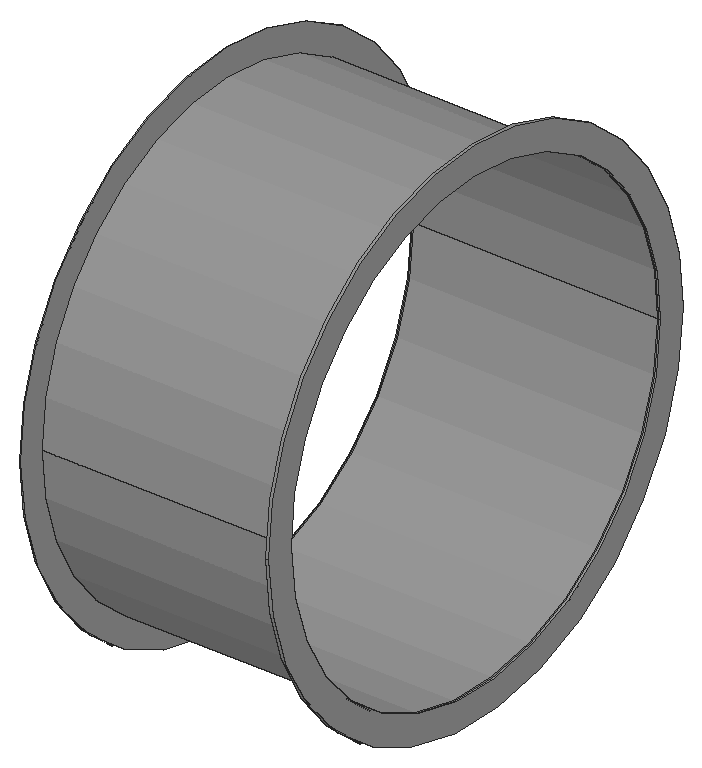
Revit family "НЕВАТОМ_Гибкая вставка VO, Версия 2", category Оборудование, Revit 2017
Family settings
  Размер круглого соединителя = Использовать диаметр
  Тип детали = Нормальный
  На основе рабочей плоскости = Нет
  Всегда вертикально = Да
  При загрузке вырезать с полостями = Нет
  Общий = Да
  Точка расчета площади = Нет
Parameters (values of type "Гибкая вставка VO №4.5")
  Материал = Сталь ASTM A441
  t1 = L + t  # 241 mm
  t = 1 mm
  n = 10 mm
  b = 10 mm
  L1 = L - t - t  # 238 mm
  L = 240 mm  # constant formula
  D_otv = D - 2 mm  # 448 mm
  D2 = 500 mm
  D1 = 480 mm
  D = 450 mm
  ADSK_Примечание = ""
  ADSK_Позиция = ""
  ADSK_Наименование = "Гибкая вставка VO"  # constant formula
  ADSK_Масса = 3.744
  ADSK_Марка = "Гибкая вставка  VO №4.5"
  ADSK_Количество = 1  # constant formula
  ADSK_Код изделия = ""
  ADSK_Завод-изготовитель = "НЕВАТОМ"  # constant formula
  ADSK_Единица измерения = "шт."  # constant formula
Types (11, lengths in mm): name | n | b | D_otv | D2 | D1 | D | ADSK_Масса | ADSK_Марка
  Гибкая вставка VO №4.0 | 10 | 10 | 398 | 450 | 430 | 400 | 2.432 | "Гибкая вставка  VO №4.0"
  Гибкая вставка VO №4.5 | 10 | 10 | 448 | 500 | 480 | 450 | 3.744 | "Гибкая вставка  VO №4.5"
  Гибкая вставка VO №5.0 | 12 | 11 | 498 | 550 | 530 | 500 | 3.2 | "Гибкая вставка  VO №5.0"
  Гибкая вставка VO №5.6 | 12 | 11 | 558 | 610 | 590 | 560 | 3.5 | "Гибкая вставка  VO №5.6"
  Гибкая вставка VO №6.3 | 12 | 11 | 628 | 680 | 660 | 630 | 4.1 | "Гибкая вставка  VO №6.3"
  Гибкая вставка VO №7.1 | 16 | 11 | 708 | 790 | 740 | 710 | 2.5 | "Гибкая вставка  VO №7.1"
  Гибкая вставка VO №8.0 | 16 | 11 | 798 | 864 | 830 | 800 | 6.3 | "Гибкая вставка  VO №8.0"
  Гибкая вставка VO №9.0 | 18 | 11 | 898 | 964 | 940 | 900 | 7.061 | "Гибкая вставка  VO №9.0"
  Гибкая вставка VO №10.0 | 18 | 11 | 998 | 1080 | 1040 | 1000 | 10 | "Гибкая вставка  VO №10.0"
  Гибкая вставка VO №11.2 | 24 | 11 | 1118 | 1184 | 1160 | 1120 | 8.752 | "Гибкая вставка  VO №11.2"
  Гибкая вставка VO №12.5 | 24 | 11 | 1248 | 1330 | 1290 | 1250 | 9.767 | "Гибкая вставка  VO №12.5"
Reference planes
  plane 1 "По центру (Вперед/Назад)": y = 0
  plane 2: z = 0
  plane 3 "По центру (Влево/Вправо)": x = 0
Forms (mm)
  Extrusion 1, solid, material "Сталь ASTM A441" <- "Материал"
    sketch origin (0, 0, 0) x (0, 1, 0) y (0, 0, 1)
      loop
        circle (0, 0) r 250
    from 0 to 1 <- "t"
  Extrusion 2, solid, material "Сталь ASTM A441" <- "Материал"
    sketch origin (0, 0, 0) x (0, 1, 0) y (0, 0, 1)
      loop
        circle (0, 0) r 225
    from 0 to 238 <- "L1"
  Extrusion 3, solid, material "Сталь ASTM A441" <- "Материал"
    sketch origin (0, 0, 0) x (0, 1, 0) y (0, 0, 1)
      loop
        circle (0, 0) r 250
    from 238 <- "L1" to 241 <- "t1"
  Extrusion 4, void
    sketch origin (0, 0, 0) x (0, 1, 0) y (0, 0, 1)
      loop
        circle (0, 0) r 224
    from 0 to 250
Cuts and joins
  Extrusion 4 cuts Extrusion 1
  Extrusion 4 cuts Extrusion 2
  Extrusion 4 cuts Extrusion 3
Dimensions and locks
  "D2": diameter of Extrusion 1 sketch curve
  "D": diameter of Extrusion 2 sketch curve
  "D2": diameter of Extrusion 3 sketch curve
  "D_otv": diameter of Extrusion 4 sketch curve
  aligned and locked: level to plane 2
Automatic sketch dimensions
  Extrusion 1 sketch curve to level = 0 mm
  Extrusion 1 sketch curve to plane 1 "По центру (Вперед/Назад)" = 0 mm
  Extrusion 2 sketch curve to level = 0 mm
  Extrusion 2 sketch curve to plane 1 "По центру (Вперед/Назад)" = 0 mm
  Extrusion 3 sketch curve to level = 0 mm
  Extrusion 3 sketch curve to plane 1 "По центру (Вперед/Назад)" = 0 mm
  Extrusion 4 sketch curve to level = 0 mm
  Extrusion 4 sketch curve to plane 1 "По центру (Вперед/Назад)" = 0 mm
Connectors
  hvac at (238, 0, 0), driven by "D"
    settings: on cut or joined group of Extrusion 2, Extrusion 4, index 1, duct flow 0.0 L/s, flow factor 0, pres drop 0.0 Pa, loss coef 0, conn angle 0.00°, conn width 304.8 mm, conn height 304.8 mm, conn diameter 450 mm, duct sys type 29, conn prof type 0, flow config 0, flow direction 0, loss method 0, conn ref index 2, conn util no, is conn primary yes, conn desc ""
  hvac at (0, 0, 0), driven by "D"
    settings: on cut or joined group of Extrusion 1, Extrusion 4, index 2, duct flow 0.0 L/s, flow factor 0, pres drop 0.0 Pa, loss coef 0, conn angle 0.00°, conn width 304.8 mm, conn height 304.8 mm, conn diameter 450 mm, duct sys type 29, conn prof type 0, flow config 0, flow direction 0, loss method 0, conn ref index 1, conn util no, is conn primary no, conn desc ""
